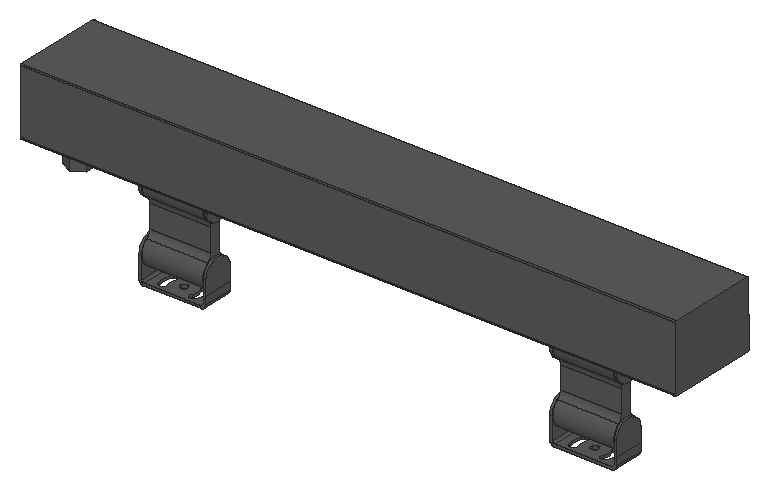
Revit family "LeL Tago 3.1", category Lighting Fixtures, Revit 2021
Family settings
  Round Connector Dimension = Use Diameter
  Part Type = Normal
  OmniClass Number = 23.80.70.00
  OmniClass Title = Lighting
  Work Plane-Based = Yes
  Always vertical = No
  Cut with Voids When Loaded = No
  Light Source = No
  Shared = No
  Room Calculation Point = No
Parameters (values of type "3.1 W 20°x49° 24W")
  Weight = 1.884 kg
  Wattage = 24 W
  URL = "https://www.lucelight.it/en/prodotto.php/140930"
  Rotation wall [instance] = 0.00°
  Rotation body [instance] = 0.00°
  R2 [instance] = if(Rotation body > 90.00°, 90.00°, if(Rotation body < -90.00°, -90.00°, Rotation body))  # 0.00°
  R1 [instance] = if(Rotation wall > 90.00°, 90.00°, if(Rotation wall < -90.00°, -90.00°, Rotation wall))  # 0.00°
  Rated Power supply = 230 V  # constant formula
  Optic = TAGO Light source : 3.1 W 20°x49° 24W
  Model = "TG31"
  Manufacturer = "L&L Luce&Light srl"  # constant formula
  Lumen Output = 1702 lm
  Lamp = "LED"
  IP = "IP65 IP67 IP69"  # constant formula
  IK = "IK09"  # constant formula
  Cable gland hint [instance] = "Switch on cable gland if dimmable"  # constant formula
  Description = "Outdoor/linear profiles"  # constant formula
  Default Elevation = 1219.2 mm
  Finish = LeL Black
  Cable gland dimmable [instance] = no
  CRI = "CRI80"  # constant formula
  CCT = 3000 K  # constant formula
  Brackets offset [instance] = 100 mm
  Brackets offset hint [instance] = "Move brackets along the profile"  # constant formula
  B [instance] = if(Brackets offset > 200 mm, 200 mm, if(Brackets offset < 30 mm, 30 mm, Brackets offset))  # 100 mm
  Author = "A.D."  # constant formula
  Apparent Load = Wattage  # 24 VA
Types (7, lengths in mm): name | Optic | Lumen Output
  3.1 G 24W | TAGO Light source : 3.1 G 24W | 1364 lm
  3.1 K 69° 24W | TAGO Light source : 3.1 K 69° 24W | 1839 lm
  3.1 L 29°  24W | TAGO Light source : 3.1 L 29° 24W | 1864 lm
  3.1 M 17° 24W | TAGO Light source : 3.1 M 17° 24W | 1677 lm
  3.1 S 11°  24W | TAGO Light source : 3.1 S 11° 24W | 1478 lm
  3.1 W 20°x49° 24W | TAGO Light source : 3.1 W 20°x49° 24W | 1702 lm
  3.1 A 24W | TAGO Light source : 3.1 A 24W | 1328 lm
Reference planes
  plane 1 "Asse sorgente illuminazione (F/B)": y = 0
  plane 2: z = 0
  plane 3 "Asse sorgente illuminazione (L/R)": x = 0
  plane 4 "Prospetto sorgente di illuminazione": z = 1500
  plane 5: y = 0
  plane 6: x = -168
  plane 7: x = 168
  plane 8: z = 21.998
  plane 9: x = -268
  plane 10: x = 268
Lines and regions (mm)
  reference lines
    curve 1: line (0, -0.082, -8.118) -> (0, -0.082, 21.998)
Dimensions and locks
  locked: plane 9 to plane 3 "Asse sorgente illuminazione (L/R)" at 268
  locked: plane 3 "Asse sorgente illuminazione (L/R)" to plane 10 at 268
  "B": plane 9 to plane 6
  "B": plane 7 to plane 10
  "R1": angle plane 5 to curve 1
  aligned and locked: level to plane 2
  aligned and locked: plane 6 to nested 8
  aligned and locked: plane 6 to nested 7
  aligned and locked: plane 6 to nested 6
  aligned and locked: plane 7 to nested 2
  aligned and locked: plane 7 to nested 4
  aligned and locked: plane 7 to nested 3
  aligned and locked: plane 3 "Asse sorgente illuminazione (L/R)" to nested 5
  aligned and locked: plane 8 to curve 1
Automatic sketch dimensions
  plane 1 "Asse sorgente illuminazione (F/B)" to curve 1 = 0.082 mm
Nested families
  nested 1: "Symbol Linear Profile lamp" at (0, 0.044, 0), type "TG31", detail levels coarse
  nested 2: "Bracket wall" at (168, 0, 0), Finish <- "Finish", type "bracket wall"
    with Finish LeL Black
  nested 3: "Bracket body" at (168, 0.061, 71.907) x (1, 0, 0) z (0, 1, 0), Rotation body <- "R2", Finish <- "Finish", type "bracket body"
    with Rotation body 0.00°, Finish LeL Black
  nested 4: "Arm" at (168, -0.027, 21.924) x (1, 0, 0) z (0, 1, 0), Finish <- "Finish", type "arm"
    with Finish LeL Black
  nested 5: "Body" at (0, -0.113, -0.08), Finish <- "Finish", Cable gland <- "Cable gland dimmable", type "body"
    with Finish LeL Black, Cable gland no
  nested 6: "Bracket wall" at (-168, 0, 0), Finish <- "Finish", type "bracket wall"
    with Finish LeL Black
  nested 7: "Bracket body" at (-168, 0.061, 71.907) x (1, 0, 0) z (0, 1, 0), Rotation body <- "R2", Finish <- "Finish", type "bracket body"
    with Rotation body 0.00°, Finish LeL Black
  nested 8: "Arm" at (-168, -0.027, 21.924) x (1, 0, 0) z (0, 1, 0), Finish <- "Finish", type "arm"
    with Finish LeL Black
  nested 9: "TAGO Light source" at (0, 31.587, 121.467) x (1, 0, 0) z (0, 1, 0), type <- "Optic", type "3.1 W 20°x49° 24W", detail levels medium
Connectors
  electrical at (-217.94, 0.122, 0), driven by "Rated Power supply", driven by "Apparent Load"
    settings: index 2, voltage 230 V, apparent load 0 VA, apparent load phase1 24 VA, apparent load phase2 0 VA, apparent load phase3 0 VA, power factor 1, load classification "Illuminazione", number of poles 1, system type 31, power factor state 1, is connector primary yes, connector utility no, sub classification motor no, connector description ""
Definition of nested family "Bracket wall"
  Parameters (values of type "bracket wall")
    Default Elevation = 0 mm
    Finish [instance] = none
  Reference planes
    plane 1 "Centro (Fronte/Retro)": y = 0
    plane 2: z = 0
    plane 3 "Centro (Sinistra/Destra)": x = 0
  Forms (mm)
    Extrusion 1, solid, material <- "Finish", detail levels medium+fine
      sketch origin (0, 0, 0) x (1, 0, 0) y (0, 0, -1)
        loop
          line (-25.4, -22) -> (-25.4, -4)
          arc (-25.4, -4) -> (-24.814, -2.586) -> (-23.4, -2) r 2
          line (-23.4, -2) -> (23.4, -2)
          arc (23.4, -2) -> (24.814, -2.586) -> (25.4, -4) r 2
          line (25.4, -4) -> (25.4, -22) -> (27.4, -22) -> (27.4, -10) -> (27.4, -4)
          arc (27.4, -4) -> (26.228, -1.172) -> (23.4, 0) r 4
          line (23.4, 0) -> (-23.4, 0)
          arc (-23.4, 0) -> (-26.228, -1.172) -> (-27.4, -4) r 4
          line (-27.4, -4) -> (-27.4, -10) -> (-27.4, -22) -> (-25.4, -22)
      from -12 to 12
    Extrusion 2, solid, material <- "Finish", detail levels medium+fine
      sketch origin (0, 0, 0) x (0, 0, -1) y (0, 1, 0)
        loop
          line (-22, -12) -> (-22, 12)
          arc (-22, 12) -> (-34, 0) -> (-22, -12) r 12
      from 25.4 to 27.4
    Extrusion 3, solid, material <- "Finish", detail levels medium+fine
      sketch origin (0, 0, 0) x (0, 0, -1) y (0, -1, 0)
        loop
          arc (-22, 12) -> (-34, 0) -> (-22, -12) r 12
          line (-22, -12) -> (-22, 12)
      from 25.4 to 27.4
    Extrusion 4, void
      sketch origin (0, 0, 0) x (1, 0, 0) y (0, 1, 0)
        loop
          arc (-15.411, 7.399) -> (-17.1, 0) -> (-15.411, -7.399) r 17.05
          arc (-15.411, -7.399) -> (-11.348, -8.712) -> (-9.828, -4.722) r 3.1
          arc (-9.828, -4.722) -> (-10.9, -0.004) -> (-9.828, 4.715) r 10.916
          arc (-9.828, 4.715) -> (-11.344, 8.71) -> (-15.411, 7.399) r 3.102
      from 0 to 2
    Extrusion 5, void
      sketch origin (0, 0, 0) x (-1, 0, 0) y (0, -1, 0)
        loop
          arc (-15.411, -7.399) -> (-11.344, -8.71) -> (-9.828, -4.715) r 3.102
          arc (-9.828, -4.715) -> (-10.9, 0.004) -> (-9.828, 4.722) r 10.916
          arc (-9.828, 4.722) -> (-11.348, 8.712) -> (-15.411, 7.399) r 3.1
          arc (-15.411, 7.399) -> (-17.1, 0) -> (-15.411, -7.399) r 17.05
      from 0 to 2
    Extrusion 6, void
      sketch origin (0, 0, 0) x (1, 0, 0) y (0, 1, 0)
        loop
          circle (0, 0) r 3.1
      from 0 to 2
    Extrusion 7, solid, material <- "Finish", detail levels coarse
      sketch origin (0, 0, 0) x (0, 0, -1) y (0, 1, 0)
        loop
          line (0, 12) -> (-22, 12) -> (-30.485, 8.485) -> (-34, 0) -> (-30.485, -8.485) -> (-22, -12) -> (0, -12) -> (0, 12)
      from 25.4 to 27.4
    Extrusion 8, solid, material <- "Finish", detail levels coarse
      sketch origin (0, 0, 0) x (0, 0, -1) y (0, -1, 0)
        loop
          line (0, -12) -> (0, 12) -> (-22, 12) -> (-30.485, 8.485) -> (-34, 0) -> (-30.485, -8.485) -> (-22, -12) -> (0, -12)
      from 25.4 to 27.4
    Extrusion 9, solid, material <- "Finish", detail levels coarse
      sketch origin (0, 0, 0) x (0, 0, -1) y (0, 1, 0)
        loop
          line (0, 12) -> (-2, 12) -> (-2, -12) -> (0, -12) -> (0, 12)
      from -25.4 to 25.4
  Cuts and joins
    Extrusion 4, Extrusion 5, Extrusion 6 cuts Extrusion 1
    joined: Extrusion 1, Extrusion 2, Extrusion 3
  Dimensions and locks
    aligned and locked: level to plane 2
Definition of nested family "Bracket body"
  Parameters (values of type "bracket")
    Rotation body [instance] = 45.00°
    Finish [instance] = none
    Default Elevation = 1219.2 mm
  Reference planes
    plane 1 "Centro (Fronte/Retro)": y = 0
    plane 2: z = 0
    plane 3 "Centro (Sinistra/Destra)": x = 0
    plane 4: z = 0
    plane 5: y = 0
  Lines and regions (mm)
    reference lines
      curve 1: line (0, 0, 0) -> (0, -16.006, -16.006)
  Dimensions and locks
    "Rotation body": angle plane 4 to curve 1
    aligned and locked: level to plane 2
    aligned and locked: plane 4 to curve 1
    aligned and locked: plane 5 to curve 1
  Nested families
    nested 1: "Bracket body" at (0, 8.556, 8.397) x (1, 0, 0) z (0, -0.7071, 0.7071), Finish <- "Finish", type "bracket"
      with Finish none
  Definition of nested family "Bracket body"
    Parameters (values of type "bracket")
      Finish [instance] = none
      Default Elevation = 1219.2 mm
    Reference planes
      plane 1 "Centro (Fronte/Retro)": y = 0
      plane 2: z = 0
      plane 3 "Centro (Sinistra/Destra)": x = 0
    Forms (mm)
      Extrusion 1, solid, material <- "Finish", detail levels medium+fine
        sketch origin (0, -34, 0) x (-1, 0, 0) y (0, -1, 0)
          loop
            line (-25.4, -22) -> (-25.4, -4)
            arc (-25.4, -4) -> (-24.814, -2.586) -> (-23.4, -2) r 2
            line (-23.4, -2) -> (23.4, -2)
            arc (23.4, -2) -> (24.814, -2.586) -> (25.4, -4) r 2
            line (25.4, -4) -> (25.4, -22) -> (27.4, -22) -> (27.4, -10) -> (27.4, -4)
            arc (27.4, -4) -> (26.228, -1.172) -> (23.4, 0) r 4
            line (23.4, 0) -> (-23.4, 0)
            arc (-23.4, 0) -> (-26.228, -1.172) -> (-27.4, -4) r 4
            line (-27.4, -4) -> (-27.4, -10) -> (-27.4, -22) -> (-25.4, -22)
        from -12 to 12
      Extrusion 2, solid, material <- "Finish", detail levels medium+fine
        sketch origin (0, -34, 0) x (0, -1, 0) y (0, 0, 1)
          loop
            line (-22, -12) -> (-22, 12)
            arc (-22, 12) -> (-34, 0) -> (-22, -12) r 12
        from 25.4 to 27.4
      Extrusion 3, solid, material <- "Finish", detail levels medium+fine
        sketch origin (0, -34, 0) x (0, -1, 0) y (0, 0, -1)
          loop
            arc (-22, 12) -> (-34, 0) -> (-22, -12) r 12
            line (-22, -12) -> (-22, 12)
        from 25.4 to 27.4
      Extrusion 4, void
        sketch origin (0, -34, 0) x (-1, 0, 0) y (0, 0, 1)
          loop
            arc (-15.411, 7.399) -> (-17.1, 0) -> (-15.411, -7.399) r 17.05
            arc (-15.411, -7.399) -> (-11.348, -8.712) -> (-9.828, -4.722) r 3.1
            arc (-9.828, -4.722) -> (-10.9, -0.004) -> (-9.828, 4.715) r 10.916
            arc (-9.828, 4.715) -> (-11.344, 8.71) -> (-15.411, 7.399) r 3.102
        from 0 to 2
      Extrusion 5, void
        sketch origin (0, -34, 0) x (1, 0, 0) y (0, 0, -1)
          loop
            arc (-15.411, -7.399) -> (-11.344, -8.71) -> (-9.828, -4.715) r 3.102
            arc (-9.828, -4.715) -> (-10.9, 0.004) -> (-9.828, 4.722) r 10.916
            arc (-9.828, 4.722) -> (-11.348, 8.712) -> (-15.411, 7.399) r 3.1
            arc (-15.411, 7.399) -> (-17.1, 0) -> (-15.411, -7.399) r 17.05
        from 0 to 2
      Extrusion 6, void
        sketch origin (0, -34, 0) x (-1, 0, 0) y (0, 0, 1)
          loop
            circle (0, 0) r 3.1
        from 0 to 2
      Extrusion 7, solid, material <- "Finish", detail levels coarse
        sketch origin (0, -34, 0) x (0, -1, 0) y (0, 0, 1)
          loop
            line (0, 12) -> (-22, 12) -> (-30.485, 8.485) -> (-34, 0) -> (-30.485, -8.485) -> (-22, -12) -> (0, -12) -> (0, 12)
        from 25.4 to 27.4
      Extrusion 8, solid, material <- "Finish", detail levels coarse
        sketch origin (0, -34, 0) x (0, -1, 0) y (0, 0, -1)
          loop
            line (0, -12) -> (0, 12) -> (-22, 12) -> (-30.485, 8.485) -> (-34, 0) -> (-30.485, -8.485) -> (-22, -12) -> (0, -12)
        from 25.4 to 27.4
      Extrusion 9, solid, material <- "Finish", detail levels coarse
        sketch origin (0, -34, 0) x (0, -1, 0) y (0, 0, 1)
          loop
            line (0, 12) -> (-2, 12) -> (-2, -12) -> (0, -12) -> (0, 12)
        from -25.4 to 25.4
    Cuts and joins
      Extrusion 4, Extrusion 5, Extrusion 6 cuts Extrusion 1
    Dimensions and locks
      aligned and locked: level to plane 2
Definition of nested family "Arm"
  Parameters (values of type "arm")
    Finish [instance] = none
    Default Elevation = 1219.2 mm
  Reference planes
    plane 1 "Centro (Fronte/Retro)": y = 0
    plane 2: z = 0
    plane 3 "Centro (Sinistra/Destra)": x = 0
  Forms (mm)
    Extrusion 1, solid, material <- "Finish", detail levels medium+fine
      sketch origin (-9.26, 22.016, 0) x (0, 1, 0) y (0, 0, 1)
        loop
          arc (-62.216, -6.947) -> (-59.72, -4.78) -> (-56.508, -4) r 7
          line (-56.508, -4) -> (-37.492, -4)
          arc (-37.492, -4) -> (-34.28, -4.78) -> (-31.784, -6.947) r 7
          arc (-31.784, -6.947) -> (-10, 0) -> (-31.784, 6.947) r 12
          arc (-31.784, 6.947) -> (-34.28, 4.78) -> (-37.492, 4) r 7
          line (-37.492, 4) -> (-56.508, 4)
          arc (-56.508, 4) -> (-59.72, 4.78) -> (-62.216, 6.947) r 7
          arc (-62.216, 6.947) -> (-84, 0) -> (-62.216, -6.947) r 12
      from -15.74 to 34.26
    Extrusion 2, solid, material <- "Finish", detail levels coarse
      sketch origin (0, 0, 0) x (0, 1, 0) y (0, 0, 1)
        loop
          line (0, 12) -> (-8.485, 8.485) -> (-10.243, 4.243) -> (-39.726, 4.243) -> (-41.483, 8.485) -> (-49.969, 12) -> (-58.454, 8.485) -> (-61.969, 0) -> (-58.454, -8.485) -> (-49.969, -12) -> (-41.483, -8.485) -> (-39.726, -4.243) -> (-10.243, -4.243) -> (-8.485, -8.485) -> (0, -12) -> (8.485, -8.485) -> (12, 0) -> (8.485, 8.485) -> (0, 12)
      from -25 to 25
  Dimensions and locks
    aligned and locked: level to plane 2
Definition of nested family "Body"
  Parameters (values of type "body")
    Lenght = 536 mm
    Finish [instance] = none
    Default Elevation = 1219.2 mm
    Cable gland [instance] = yes
  Reference planes
    plane 1 "Centro (Fronte/Retro)": y = 0
    plane 2: z = 0
    plane 3 "Centro (Sinistra/Destra)": x = 0
    plane 4: x = -268
    plane 5: x = -264
    plane 6: x = -253
    plane 7: x = 253
    plane 8: x = 264
    plane 9: x = 268
    plane 10: x = 238.5
    plane 11: x = -233.5
    plane 12: x = -203.5
  Forms (mm)
    Extrusion 1, solid, material <- "Finish", detail levels medium+fine
      sketch origin (0, 0, 0) x (0, 1, 0) y (0, 0, 1)
        loop
          arc (-41.6, 149) -> (-42.307, 148.707) -> (-42.6, 148) r 1
          line (-42.6, 148) -> (-42.6, 95)
          arc (-42.6, 95) -> (-42.307, 94.293) -> (-41.6, 94) r 1
          line (-41.6, 94) -> (31.2, 94)
          arc (31.2, 94) -> (31.554, 94.146) -> (31.7, 94.5) r 0.5
          line (31.7, 94.5) -> (31.7, 148.5)
          arc (31.7, 148.5) -> (31.554, 148.854) -> (31.2, 149) r 0.5
          line (31.2, 149) -> (-41.6, 149)
      from -268 to 268
    Extrusion 2, void
      sketch origin (0, 0, 0) x (1, 0, 0) y (0, 0, 1)
        loop
          line (-264, 146.625) -> (-264, 96.375) -> (264, 96.375) -> (264, 146.625) -> (-264, 146.625)
      from -31.7 to -26.7
    Extrusion 3, solid, detail levels medium+fine
      sketch origin (0, 0, 0) x (1, 0, 0) y (0, 0, 1)
        loop
          line (-264, 146.625) -> (-264, 96.375) -> (264, 96.375) -> (264, 146.625) -> (-264, 146.625)
      from -26.7 to -31.7
    Extrusion 4, solid, detail levels medium+fine
      sketch origin (0, 0, 0) x (1, 0, 0) y (0, 0, 1)
        loop
          line (-253, 132.25) -> (-253, 110.75)
          arc (-253, 110.75) -> (-252.268, 108.982) -> (-250.5, 108.25) r 2.5
          line (-250.5, 108.25) -> (250.5, 108.25)
          arc (250.5, 108.25) -> (252.268, 108.982) -> (253, 110.75) r 2.5
          line (253, 110.75) -> (253, 132.25)
          arc (253, 132.25) -> (252.268, 134.018) -> (250.5, 134.75) r 2.5
          line (250.5, 134.75) -> (-250.5, 134.75)
          arc (-250.5, 134.75) -> (-252.268, 134.018) -> (-253, 132.25) r 2.5
      from -31.7 to -26.7
    Extrusion 5, solid, visible <- "Cable gland", detail levels medium+fine
      sketch origin (152.5, 0, 87.5) x (1, 0, 0) y (0, 1, 0)
        loop
          line (86, -13.63) -> (76.5, -19.115) -> (76.5, -30.085) -> (86, -35.57) -> (95.5, -30.085) -> (95.5, -19.115) -> (86, -13.63)
      from -7.25 to 6.5
    Extrusion 6, solid, visible <- "Cable gland", detail levels medium+fine
      sketch origin (-289.5, 0, 87.5) x (1, 0, 0) y (0, 1, 0)
        loop
          line (86, -13.63) -> (76.5, -19.115) -> (76.5, -30.085) -> (86, -35.57) -> (95.5, -30.085) -> (95.5, -19.115) -> (86, -13.63)
      from -7.25 to 6.5
    Extrusion 7, solid, detail levels medium+fine
      sketch origin (-319.5, 0, 87.5) x (1, 0, 0) y (0, 1, 0)
        loop
          line (86, -13.63) -> (76.5, -19.115) -> (76.5, -30.085) -> (86, -35.57) -> (95.5, -30.085) -> (95.5, -19.115) -> (86, -13.63)
      from -7.25 to 6.5
    Extrusion 8, solid, material <- "Finish", detail levels coarse
      sketch origin (0, 0, 0) x (0, 1, 0) y (0, 0, 1)
        loop
          line (30.513, 149) -> (-42.6, 149) -> (-42.6, 94) -> (30.513, 94) -> (30.513, 149)
      from -268 to 268
    Extrusion 9, solid, detail levels coarse
      sketch origin (0, 62.4, 0) x (0, -1, 0) y (0, 0, -1)
        loop
          line (31.887, -149) -> (31.887, -94) -> (30.7, -94) -> (30.7, -149) -> (31.887, -149)
      from -268 to 268
    Extrusion 10, void
      sketch origin (0, 0, 0) x (1, 0, 0) y (0, 0, 1)
        loop
          arc (-250.5, 134.75) -> (-252.268, 134.018) -> (-253, 132.25) r 2.5
          line (-253, 132.25) -> (-253, 110.75)
          arc (-253, 110.75) -> (-252.268, 108.982) -> (-250.5, 108.25) r 2.5
          line (-250.5, 108.25) -> (250.5, 108.25)
          arc (250.5, 108.25) -> (252.268, 108.982) -> (253, 110.75) r 2.5
          line (253, 110.75) -> (253, 132.25)
          arc (253, 132.25) -> (252.268, 134.018) -> (250.5, 134.75) r 2.5
          line (250.5, 134.75) -> (-250.5, 134.75)
      from -31.7 to -26.7
  Cuts and joins
    Extrusion 2, Extrusion 10 cuts Extrusion 1
    Extrusion 10 cuts Extrusion 8
    Extrusion 10 cuts Extrusion 3
  Dimensions and locks
    equal spacing: plane 9, plane 3 "Centro (Sinistra/Destra)", plane 4
    "Lenght": plane 9 to plane 4
    locked: plane 9 to plane 8 at 4
    locked: plane 5 to plane 4 at 4
    locked: plane 6 to plane 5 at 11
    locked: plane 8 to plane 7 at 11
    locked: plane 11 to plane 6 at 19.5
    locked: plane 12 to plane 11 at 30
    locked: plane 7 to plane 10 at 14.5
    aligned and locked: level to plane 2
    aligned and locked: Extrusion 1 to plane 4
    aligned and locked: Extrusion 1 to plane 9
    aligned and locked: plane 8 to cut or joined group of Extrusion 1, Extrusion 2, Extrusion 10
    aligned and locked: cut or joined group of Extrusion 1, Extrusion 2, Extrusion 10 to plane 5
    aligned and locked: cut or joined group of Extrusion 1, Extrusion 2, Extrusion 10 to cut or joined group of Extrusion 1, Extrusion 2, Extrusion 10
    aligned and locked: Extrusion 6 to plane 12
    aligned and locked: Extrusion 7 to plane 11
    aligned and locked: Extrusion 5 to plane 10
    aligned and locked: Extrusion 8 to plane 9
    aligned and locked: Extrusion 8 to plane 4
    aligned and locked: Extrusion 9 to plane 4
    aligned and locked: Extrusion 9 to plane 9
  Automatic sketch dimensions
    plane 1 "Centro (Fronte/Retro)" to Extrusion 1 sketch curve = 42.6 mm
    Extrusion 1 sketch curve to Extrusion 1 sketch curve = 1 mm  (x2)
    Extrusion 1 sketch curve to plane 1 "Centro (Fronte/Retro)" = 31.2 mm  (x2)
    Extrusion 1 sketch curve to Extrusion 1 sketch curve = 0.5 mm
    level to Extrusion 1 sketch curve = 94 mm
    Extrusion 1 sketch curve to Extrusion 1 sketch curve = 53 mm
    Extrusion 2 sketch curve to plane 5 = 0 mm
    Extrusion 2 sketch curve to plane 8 = 0 mm
    level to Extrusion 2 sketch curve = 96.375 mm
    Extrusion 2 sketch curve to Extrusion 2 sketch curve = 50.25 mm
    Extrusion 3 sketch curve to plane 5 = 0 mm
    Extrusion 3 sketch curve to plane 8 = 0 mm
    level to Extrusion 3 sketch curve = 96.375 mm
    Extrusion 3 sketch curve to Extrusion 3 sketch curve = 50.25 mm
    Extrusion 4 sketch curve to plane 6 = 0 mm
    plane 7 to Extrusion 4 sketch curve = 0 mm
    plane 6 to Extrusion 4 sketch curve = 2.5 mm  (x2)
    plane 7 to Extrusion 4 sketch curve = 2.5 mm  (x2)
    level to Extrusion 4 sketch curve = 108.25 mm
    Extrusion 4 sketch curve to Extrusion 4 sketch curve = 21.5 mm
    Extrusion 5 sketch curve to plane 10 = 0 mm  (x2)
    Extrusion 5 sketch curve to plane 10 = 9.5 mm
    plane 7 to Extrusion 5 sketch curve = 5 mm
    plane 1 "Centro (Fronte/Retro)" to Extrusion 5 sketch curve = 35.57 mm
    Extrusion 5 sketch curve to Extrusion 5 sketch curve = 5.485 mm  (x3)
    Extrusion 5 sketch curve to Extrusion 5 sketch curve = 10.97 mm  (x2)
    Extrusion 6 sketch curve to plane 12 = 0 mm  (x2)
    Extrusion 6 sketch curve to plane 12 = 9.5 mm
    plane 12 to Extrusion 6 sketch curve = 9.5 mm
    plane 1 "Centro (Fronte/Retro)" to Extrusion 6 sketch curve = 35.57 mm
    Extrusion 6 sketch curve to Extrusion 6 sketch curve = 5.485 mm  (x3)
    Extrusion 6 sketch curve to Extrusion 6 sketch curve = 10.97 mm  (x2)
    Extrusion 7 sketch curve to plane 11 = 0 mm  (x2)
    Extrusion 7 sketch curve to plane 11 = 9.5 mm
    plane 11 to Extrusion 7 sketch curve = 9.5 mm
    plane 1 "Centro (Fronte/Retro)" to Extrusion 7 sketch curve = 35.57 mm
    Extrusion 7 sketch curve to Extrusion 7 sketch curve = 5.485 mm  (x3)
    Extrusion 7 sketch curve to Extrusion 7 sketch curve = 10.97 mm  (x2)
    plane 1 "Centro (Fronte/Retro)" to Extrusion 8 sketch curve = 42.6 mm
    Extrusion 8 sketch curve to plane 1 "Centro (Fronte/Retro)" = 30.513 mm
    level to Extrusion 8 sketch curve = 94 mm
    Extrusion 8 sketch curve to Extrusion 8 sketch curve = 55 mm
    Extrusion 9 sketch curve to plane 1 "Centro (Fronte/Retro)" = 31.7 mm
    Extrusion 9 sketch curve to plane 1 "Centro (Fronte/Retro)" = 30.513 mm
    level to Extrusion 9 sketch curve = 149 mm
    Extrusion 9 sketch curve to Extrusion 9 sketch curve = 55 mm
    Extrusion 10 sketch curve to plane 6 = 0 mm
    plane 6 to Extrusion 10 sketch curve = 2.5 mm  (x2)
    Extrusion 10 sketch curve to Extrusion 10 sketch curve = 2.5 mm
    level to Extrusion 10 sketch curve = 108.25 mm
    Extrusion 10 sketch curve to Extrusion 10 sketch curve = 21.5 mm
    plane 7 to Extrusion 10 sketch curve = 2.5 mm
    plane 7 to Extrusion 10 sketch curve = 0 mm
Definition of nested family "Symbol Linear Profile lamp"
  Parameters (values of type "TG31")
    Symbol widht = 55 mm
    Symbol lenght = 536 mm
  Reference planes
    plane 1: y = 0
    plane 2: x = 0
  Lines and regions (mm)
    detail lines
      curve 1: line (-268, -25, 0) -> (268, -25, 0)
      curve 2: line (-268, 30, 0) -> (-268, -25, 0)
      curve 3: line (268, 30, 0) -> (-268, 30, 0)
      curve 4: line (268, -25, 0) -> (268, 30, 0)
  Dimensions and locks
    equal spacing: curve 3, plane 1, curve 1
    "Symbol widht": curve 3 to curve 1
    equal spacing: curve 2, plane 2, curve 4
    "Symbol lenght": curve 2 to curve 4
  Automatic sketch dimensions
    plane 1 to curve 1 = 25 mm
Definition of nested family "TAGO Light source"
  Parameters (values of type "3.1 W 20°x49° 24W")
    Wattage = 11.458 W
    built-in parameter 1150110 = 1 (stored number, unit not read)
    built-in parameter 1114217 = 1 (stored number, unit not read)
    Tilt Angle = -90.00°
    built-in parameter 1150109 = 1 (stored number, unit not read)
    built-in parameter 1150134 = (empty or 0)
    built-in parameter 1150113 = 1 (stored number, unit not read)
    Photometric Web File = "TAGO 3.1 W 20°x49° [3000K 24W 230Vac].IES"
    Lumens = 1702 lm
    built-in parameter 1150115 = 1 (stored number, unit not read)
    built-in parameter 1150105 = 30085.2 (stored number, unit not read)
    built-in parameter 1150137 = (empty or 0)
    built-in parameter 1150139 = (empty or 0)
    built-in parameter 1150112 = 1 (stored number, unit not read)
    built-in parameter 1150114 = 1 (stored number, unit not read)
    Lamp = "LED"
    built-in parameter 1150132 = 2
    built-in parameter 1150102 = (empty or 0)
    built-in parameter 1150138 = (empty or 0)
    built-in parameter 1150107 = 3000 (stored number, unit not read)
    built-in parameter 1150106 = 300.85 (stored number, unit not read)
    Emit from Rectangle Width = 536 mm  # constant formula
    Emit from Rectangle Length = 55 mm  # constant formula
    Emit Shape Visible in Rendering = no
    built-in parameter 1150104 = 13.8 (stored number, unit not read)
    Dimming Lamp Color Temperature Shift = (empty or 0)
    Default Elevation = 1219.2 mm
    Color Filter = 16777215
    built-in parameter 1114218 = 1 (stored number, unit not read)
    built-in parameter 1150133 = 10 (stored number, unit not read)
    Apparent Load = 24 VA
  Types (7, lengths in mm): name | Wattage | Photometric Web File | Lumens | built-in parameter 1150105 | built-in parameter 1150106
    3.1 A 24W | 8.94023 W | "TAGO 3.1 A [3000K 24W 230Vac].IES" | 1328 lm | 105.68 (stored number, unit not read) | 1.0568 (stored number, unit not read)
    3.1 G 24W | 9.18259 W | "TAGO 3.1 G [3000K 24W 230Vac].IES" | 1364 lm | 720.35 (stored number, unit not read) | 7.2035 (stored number, unit not read)
    3.1 K 69° 24W | 12.3803 W | "TAGO 3.1 K 69° [3000K 24W 230Vac].IES" | 1839 lm | 2982.4 (stored number, unit not read) | 29.824 (stored number, unit not read)
    3.1 L 29° 24W | 12.5486 W | "TAGO 3.1 L 29° [3000K 24W 230Vac].IES" | 1864 lm | 1575 (stored number, unit not read) | 15.75 (stored number, unit not read)
    3.1 M 17° 24W | 11.2897 W | "TAGO 3.1 M 17° [3000K 24W 230Vac].IES" | 1677 lm | 1416.9 (stored number, unit not read) | 14.169 (stored number, unit not read)
    3.1 S 11° 24W | 9.95005 W | "TAGO 3.1 S 11° [3000K 24W 230Vac].IES" | 1478 lm | 7754 (stored number, unit not read) | 77.54 (stored number, unit not read)
    3.1 W 20°x49° 24W | 11.458 W | "TAGO 3.1 W 20°x49° [3000K 24W 230Vac].IES" | 1702 lm | 30085.2 (stored number, unit not read) | 300.85 (stored number, unit not read)
  Reference planes
    plane 1 "Light Source Axis (F/B)": y = 0
    plane 2: z = 0
    plane 3 "Light Source Axis (L/R)": x = 0
    plane 4 "Light Source Elevation": z = 1.25
    plane 5: x = 0
  Dimensions and locks
    aligned and locked: plane 4 "Light Source Elevation" to imposter light
    aligned and locked: plane 2 to level
